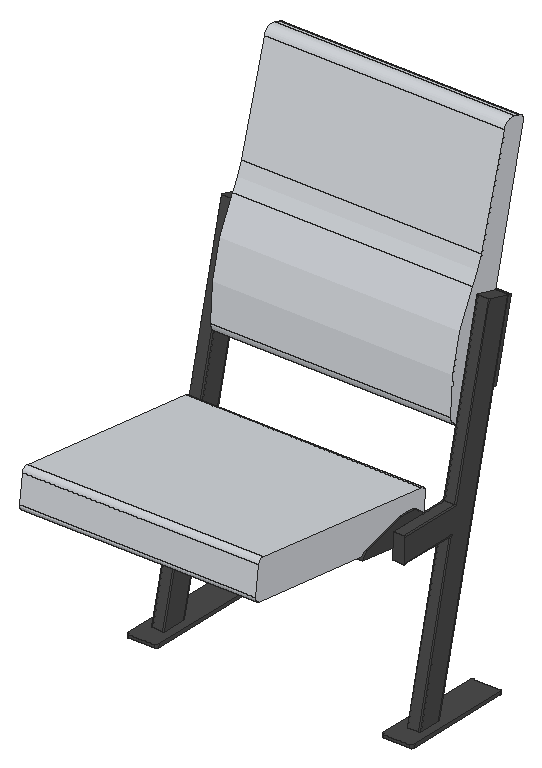
Revit family "Chair", category Furniture, Revit 2022
Family settings
  OmniClass Number = 23.40.20.00
  OmniClass Title = General Furniture and Specialties
  Work Plane-Based = No
  Always vertical = Yes
  Cut with Voids When Loaded = No
  Render Appearance Source = Family Geometry
  Shared = No
  Room Calculation Point = No
Parameters
  Without arms = not(With arms)  # yes
  With arms = no
  URL = ""
  Seat width = 462 mm
  Seat centre = 500 mm
  Overall seat width = Seat centre + 25 mm  # 525 mm
  Seat up = yes
  Seat down = not(Seat up)  # no
  Model = ""
  Manufacturer = ""
  Default Elevation = 0 mm
  Bracket seat up = Seat up  # yes
  Bracket seat down = not(Seat up)  # no
  Back width = Seat centre - 30 mm  # 470 mm
Reference planes
  plane 1 "Center (Front/Back)": y = 0
  plane 2: z = 0
  plane 3 "Center (Left/Right)": x = 0
  plane 4: y = 110
  plane 5: y = -110
  plane 6: x = -12.5
  plane 7: z = 690
  plane 8: x = 250
  plane 9: x = 512.5
  plane 10 "Center L/S": x = 500
  plane 11: x = 485
  plane 12: x = 481
  plane 13: x = 19
  plane 14: x = 15
Forms (mm)
  Extrusion 1, solid
    sketch origin (0, 0, 0) x (0, 1, 0) y (0, 0, 1)
      loop
        line (85.413, 472.252) -> (97.057, 469.349) -> (215.598, 944.794)
        arc (215.598, 944.794) -> (214.467, 952.363) -> (208.315, 956.916) r 10
        line (208.315, 956.916) -> (195.91, 960.009)
        arc (195.91, 960.009) -> (181.116, 957.949) -> (171.875, 946.213) r 20
        line (171.875, 946.213) -> (115.524, 753.392)
        arc (115.524, 753.392) -> (106.275, 728.173) -> (93.729, 704.421) r 200
        arc (93.729, 704.421) -> (51.529, 605.257) -> (40.692, 498.033) r 358.674
        arc (40.692, 498.033) -> (45.22, 486.33) -> (55.828, 479.628) r 20
        line (55.828, 479.628) -> (85.413, 472.252)
    from 15 to 485
  Extrusion 2, solid
    sketch origin (0, 0, 0) x (0, 1, 0) y (0, 0, 1)
      loop
        line (-422.511, 377.868) -> (-25.492, 329.121) -> (-24.03, 341.031) -> (-17.571, 393.636)
        arc (-17.571, 393.636) -> (-19.616, 401.011) -> (-26.278, 404.78) r 10
        line (-26.278, 404.78) -> (-413.371, 452.309)
        arc (-413.371, 452.309) -> (-420.746, 450.264) -> (-424.515, 443.603) r 10
        line (-424.515, 443.603) -> (-431.218, 389.013)
        arc (-431.218, 389.013) -> (-429.172, 381.637) -> (-422.511, 377.868) r 10
    from 19 to 481
Dimensions and locks
  plane 9 to plane 6 = 525 mm
  "Overall seat width": plane 6 to plane 9
  "Seat centre": plane 3 "Center (Left/Right)" to plane 10 "Center L/S"
  "Back width": plane 14 to plane 11
  "Seat width": plane 13 to plane 12
  locked: plane 12 to plane 11 at 4
  plane 14 to plane 13 = 4 mm
  aligned and locked: level to plane 2
  aligned and locked: plane 6 to nested 1
  aligned and locked: nested 2 to nested 1
  aligned and locked: nested 4 to nested 3
  aligned and locked: nested 3 to plane 9
  aligned and locked: nested 4 to nested 2  (x2)
  aligned and locked: plane 11 to Extrusion 1
  aligned and locked: Extrusion 1 to plane 14
Automatic sketch dimensions
  Extrusion 1 sketch curve to plane 5 = 33.554 mm
  plane 4 to Extrusion 1 sketch curve = 54.172 mm
  Extrusion 1 sketch curve to Extrusion 1 sketch curve = 4.838 mm  (x2)
  plane 4 to Extrusion 1 sketch curve = 24.587 mm
  Extrusion 1 sketch curve to Extrusion 1 sketch curve = 11.644 mm
  Extrusion 1 sketch curve to plane 4 = 5.524 mm
  Extrusion 1 sketch curve to plane 4 = 61.875 mm
  Extrusion 1 sketch curve to Extrusion 1 sketch curve = 19.197 mm
  Extrusion 1 sketch curve to Extrusion 1 sketch curve = 9.985 mm
  Extrusion 1 sketch curve to Extrusion 1 sketch curve = 2.419 mm  (x2)
  Extrusion 1 sketch curve to Extrusion 1 sketch curve = 9.703 mm
  Extrusion 1 sketch curve to plane 4 = 288.917 mm
  Extrusion 1 sketch curve to plane 7 = 220.651 mm
  Extrusion 1 sketch curve to Extrusion 1 sketch curve = 2.903 mm
  Extrusion 1 sketch curve to Extrusion 1 sketch curve = 7.376 mm
  Extrusion 1 sketch curve to Extrusion 1 sketch curve = 19.406 mm
  Extrusion 1 sketch curve to plane 7 = 174.015 mm
  plane 7 to Extrusion 1 sketch curve = 63.392 mm
  plane 7 to Extrusion 1 sketch curve = 119.494 mm
  Extrusion 1 sketch curve to Extrusion 1 sketch curve = 4.191 mm
  Extrusion 1 sketch curve to Extrusion 1 sketch curve = 5.61 mm
  Extrusion 1 sketch curve to Extrusion 1 sketch curve = 0 mm
  plane 5 to Extrusion 2 sketch curve = 321.218 mm
  Extrusion 2 sketch curve to Extrusion 2 sketch curve = 6.703 mm
  Extrusion 2 sketch curve to Extrusion 2 sketch curve = 8.707 mm
  Extrusion 2 sketch curve to Extrusion 2 sketch curve = 1.219 mm  (x5)
  Extrusion 2 sketch curve to Extrusion 2 sketch curve = 9.925 mm  (x3)
  plane 1 "Center (Front/Back)" to Extrusion 2 sketch curve = 27.496 mm
  plane 1 "Center (Front/Back)" to Extrusion 2 sketch curve = 25.492 mm
  Extrusion 2 sketch curve to Extrusion 2 sketch curve = 1.462 mm
  level to Extrusion 2 sketch curve = 329.121 mm
  Extrusion 2 sketch curve to Extrusion 2 sketch curve = 11.911 mm
  Extrusion 2 sketch curve to Extrusion 2 sketch curve = 52.605 mm
  Extrusion 2 sketch curve to Extrusion 2 sketch curve = 54.59 mm
Nested families
  nested 1: "Leg no.2" at (0, 0, 0), visible <- "Without arms", type "Leg no.2"
  nested 2: "Seat bracket" at (12.5, 113.474, -0.093), type "Seat bracket"
  nested 3: "Leg no.2" at (500, 0, 0) x (-1, 0, 0) z (0, 0, 1), visible <- "Without arms", type "Leg no.2"
  nested 4: "Seat bracket" at (487.5, 113.474, -0.093) x (-1, 0, 0) z (0, 0, 1), type "Seat bracket"
Definition of nested family "Leg no.2"
  Parameters (values of type "Leg no.2")
    width = 525 mm
    Leg material = none
    Default Elevation = 0 mm
  Reference planes
    plane 1 "Center (Front/Back)": y = 0
    plane 2: z = 0
    plane 3 "Center (Left/Right)": x = 0
    plane 4: y = 110
    plane 5: y = -110
    plane 6: x = -12.5
    plane 7: z = 690
    plane 8: x = 250
  Forms (mm)
    Extrusion 1, solid, material <- "Leg material"
      sketch origin (0, 0, 0) x (1, 0, 0) y (0, 1, 0)
        loop
          line (25, 110) -> (-25, 110)
          arc (-25, 110) -> (-28.536, 108.536) -> (-30, 105) r 5
          line (-30, 105) -> (-30, -105)
          arc (-30, -105) -> (-28.536, -108.536) -> (-25, -110) r 5
          line (-25, -110) -> (25, -110)
          arc (25, -110) -> (28.536, -108.536) -> (30, -105) r 5
          line (30, -105) -> (30, 105)
          arc (30, 105) -> (28.536, 108.536) -> (25, 110) r 5
      from 0 to 6
    Sweep 2, solid, material <- "Leg material"
      path origin (0, -152.053, 37.742) x (0, 1, 0) y (0, 0, 1)
        loop
          line (124.812, 684.01) -> (-49.371, -14.602)
      profile origin (0, -114.332, 372.446) x (0, 0.970296, -0.241922) y (1, 0, 0)
        loop
          spline (178.645, 10.5) -> (178.629, 10.761) -> (178.581, 11.018) -> (178.502, 11.265) -> (178.393, 11.5) -> (178.256, 11.718) -> (178.093, 11.914) -> (177.908, 12.087) -> (177.703, 12.232) -> (177.483, 12.348) -> (177.249, 12.432) -> (177.008, 12.483) -> (176.762, 12.5)
          line (176.762, 12.5) -> (133.454, 12.5)
          spline (133.454, 12.5) -> (133.208, 12.483) -> (132.967, 12.432) -> (132.734, 12.348) -> (132.513, 12.232) -> (132.308, 12.087) -> (132.123, 11.914) -> (131.96, 11.718) -> (131.823, 11.5) -> (131.715, 11.265) -> (131.635, 11.018) -> (131.587, 10.761) -> (131.571, 10.5)
          line (131.571, 10.5) -> (131.571, -10.5)
          spline (131.571, -10.5) -> (131.587, -10.761) -> (131.635, -11.018) -> (131.715, -11.265) -> (131.823, -11.5) -> (131.96, -11.718) -> (132.123, -11.914) -> (132.308, -12.087) -> (132.513, -12.232) -> (132.734, -12.348) -> (132.967, -12.432) -> (133.208, -12.483) -> (133.454, -12.5)
          line (133.454, -12.5) -> (176.762, -12.5)
          spline (176.762, -12.5) -> (177.008, -12.483) -> (177.249, -12.432) -> (177.483, -12.348) -> (177.703, -12.232) -> (177.908, -12.087) -> (178.093, -11.914) -> (178.256, -11.718) -> (178.393, -11.5) -> (178.502, -11.265) -> (178.581, -11.018) -> (178.629, -10.761) -> (178.645, -10.5)
          line (178.645, -10.5) -> (178.645, 10.5)
    Extrusion 3, void
      sketch origin (0, 0, 0) x (0, 1, 0) y (0, 0, 1)
        loop
          line (-7.78, 0) -> (-87.78, 0) -> (-87.78, -30) -> (-7.78, -30) -> (-7.78, 0)
      from -30 to 30
    Extrusion 4, solid, material <- "Leg material"
      sketch origin (0, 148.213, 225.052) x (1, 0, 0) y (0, 0, 1)
        loop
          line (-10.5, 89.868) -> (10.5, 89.868)
          spline (10.5, 89.868) -> (10.761, 89.885) -> (11.018, 89.935) -> (11.265, 90.016) -> (11.5, 90.128) -> (11.718, 90.269) -> (11.914, 90.437) -> (12.087, 90.628) -> (12.232, 90.839) -> (12.348, 91.066) -> (12.432, 91.307) -> (12.483, 91.556) -> (12.5, 91.809)
          line (12.5, 91.809) -> (12.5, 137.832)
          spline (12.5, 137.832) -> (12.483, 138.085) -> (12.432, 138.334) -> (12.348, 138.575) -> (12.232, 138.802) -> (12.087, 139.014) -> (11.914, 139.204) -> (11.718, 139.372) -> (11.5, 139.513) -> (11.265, 139.625) -> (11.018, 139.707) -> (10.761, 139.756) -> (10.5, 139.773)
          line (10.5, 139.773) -> (-10.5, 139.773)
          spline (-10.5, 139.773) -> (-10.761, 139.756) -> (-11.018, 139.707) -> (-11.265, 139.625) -> (-11.5, 139.513) -> (-11.718, 139.372) -> (-11.914, 139.204) -> (-12.087, 139.014) -> (-12.232, 138.802) -> (-12.348, 138.575) -> (-12.432, 138.334) -> (-12.483, 138.085) -> (-12.5, 137.832)
          line (-12.5, 137.832) -> (-12.5, 91.809)
          spline (-12.5, 91.809) -> (-12.483, 91.556) -> (-12.432, 91.307) -> (-12.348, 91.066) -> (-12.232, 90.839) -> (-12.087, 90.628) -> (-11.914, 90.437) -> (-11.718, 90.269) -> (-11.5, 90.128) -> (-11.265, 90.016) -> (-11.018, 89.935) -> (-10.761, 89.885) -> (-10.5, 89.868)
      from 123.905 to 253.671
    Sweep 5, solid, material <- "Leg material"
      path origin (0, -0.114, 0.269) x (0, 1, -0.000012) y (0, 0.000012, 1)
        loop
          line (146.098, 677.845) -> (151.82, 676.419)
      profile origin (0, 148.854, 677.399) x (0, 0.241922, 0.970296) y (1, 0, 0)
        loop
          line (0, -12.5) -> (0, 42.5)
          arc (0, 42.5) -> (-2.929, 49.571) -> (-10, 52.5) r 10
          line (-10, 52.5) -> (-140, 52.5)
          arc (-140, 52.5) -> (-147.071, 49.571) -> (-150, 42.5) r 10
          line (-150, 42.5) -> (-150, -12.5) -> (0, -12.5)
  Cuts and joins
    Extrusion 3 cuts Extrusion 1
    Extrusion 3 cuts Sweep 2
    joined: Extrusion 1, Sweep 2, Extrusion 4, Sweep 5
  Dimensions and locks
    locked: plane 5 to plane 4 at 220
    equal spacing: plane 5, plane 1 "Center (Front/Back)", plane 4
    plane 6 to plane 3 "Center (Left/Right)" = 12.5 mm
    aligned and locked: level to plane 2
    aligned and locked: Extrusion 1 sketch curve to plane 4
    aligned and locked: plane 5 to Extrusion 1 sketch curve
  Automatic sketch dimensions
    plane 4 to Extrusion 1 sketch curve = 5 mm  (x2)
    Extrusion 1 sketch curve to plane 6 = 17.5 mm
    Extrusion 1 sketch curve to Extrusion 1 sketch curve = 5 mm  (x2)
    plane 3 "Center (Left/Right)" to Extrusion 1 sketch curve = 25 mm
    level to Sweep 2 sketch curve = 23.139 mm
    plane 5 to Sweep 2 sketch curve = 91.424 mm
    plane 1 "Center (Front/Back)" to Sweep 2 sketch curve = 27.241 mm
    plane 7 to Sweep 2 sketch curve = 31.752 mm
    Sweep 2 sketch curve to plane 3 "Center (Left/Right)" = 10.5 mm
    Sweep 2 sketch curve to profile plane = 131.571 mm
    Sweep 2 sketch curve to Sweep 2 sketch curve = 1.883 mm  (x3)
    plane 3 "Center (Left/Right)" to Sweep 2 sketch curve = 12.5 mm
    Sweep 2 sketch curve to Sweep 2 sketch curve = 43.308 mm
    Sweep 2 sketch curve to plane 3 "Center (Left/Right)" = 12.5 mm
    Sweep 2 sketch curve to Sweep 2 sketch curve = 0 mm
    Sweep 2 sketch curve to Sweep 2 sketch curve = 2 mm  (x3)
    Extrusion 3 sketch curve to level = 0 mm
    Extrusion 3 sketch curve to plane 5 = 22.22 mm
    plane 1 "Center (Front/Back)" to Extrusion 3 sketch curve = 7.78 mm
    Extrusion 3 sketch curve to level = 30 mm
    Extrusion 4 sketch curve to plane 6 = 0 mm
    plane 6 to Extrusion 4 sketch curve = 2 mm  (x2)
    plane 3 "Center (Left/Right)" to Extrusion 4 sketch curve = 10.5 mm  (x2)
    Extrusion 4 sketch curve to Extrusion 4 sketch curve = 2 mm
    level to Extrusion 4 sketch curve = 314.921 mm
    Extrusion 4 sketch curve to Extrusion 4 sketch curve = 1.941 mm  (x3)
    Extrusion 4 sketch curve to Extrusion 4 sketch curve = 46.023 mm
    Extrusion 4 sketch curve to Extrusion 4 sketch curve = 0 mm
    Sweep 5 sketch curve to plane 4 = 35.993 mm
    Sweep 5 sketch curve to plane 7 = 13.314 mm
    Sweep 5 sketch curve to Sweep 5 sketch curve = 5.722 mm
    Sweep 5 sketch curve to Sweep 5 sketch curve = 1.427 mm
    Sweep 5 sketch curve to profile plane = 0 mm
    profile plane to Sweep 5 sketch curve = 10 mm
    plane 3 "Center (Left/Right)" to Sweep 5 sketch curve = 42.5 mm
    Sweep 5 sketch curve to Sweep 5 sketch curve = 130 mm
    Sweep 5 sketch curve to plane 3 "Center (Left/Right)" = 12.5 mm
    Sweep 5 sketch curve to Sweep 5 sketch curve = 10 mm
Definition of nested family "Seat bracket"
  Parameters (values of type "Seat bracket")
    Default Elevation = 0 mm
    Bracket = none
  Reference planes
    plane 1 "Center (Front/Back)": y = 0
    plane 2: z = 0
    plane 3 "Center (Left/Right)": x = 0
  Forms (mm)
    Extrusion 1, solid, material <- "Bracket"
      sketch origin (0, -294.47, 301.961) x (0, -1, 0) y (0, 0, -1)
        loop
          line (-3.649, -41.868) -> (-152.535, -23.588) -> (-154.363, -38.475)
          arc (-154.363, -38.475) -> (-148.926, -62.536) -> (-128.851, -76.871) r 34.623
          line (-128.851, -76.871) -> (-115.094, -78.56)
          arc (-115.094, -78.56) -> (-106.659, -78.877) -> (-98.292, -77.772) r 50
          line (-98.292, -77.772) -> (-15.331, -54.751)
          arc (-15.331, -54.751) -> (-7.432, -50.175) -> (-3.649, -41.868) r 15
      from 0 to 44
    Extrusion 2, void
      sketch origin (0, -294.47, 301.961) x (0, -1, 0) y (0, 0, -1)
        loop
          line (-180.452, -24.19) -> (-184.101, -53.912) -> (-104.17, -101.939) -> (25.636, -49.494) -> (-180.452, -24.19)
      from 3.363 to 250
    Extrusion 3, void
      sketch origin (0, -294.47, 301.961) x (0, -1, 0) y (0, 0, -1)
        loop
          circle (-100.576, -51.227) r 7.955
      from -11.501 to 63.096
  Cuts and joins
    Extrusion 2 cuts Extrusion 1
  Dimensions and locks
    aligned and locked: level to plane 2
